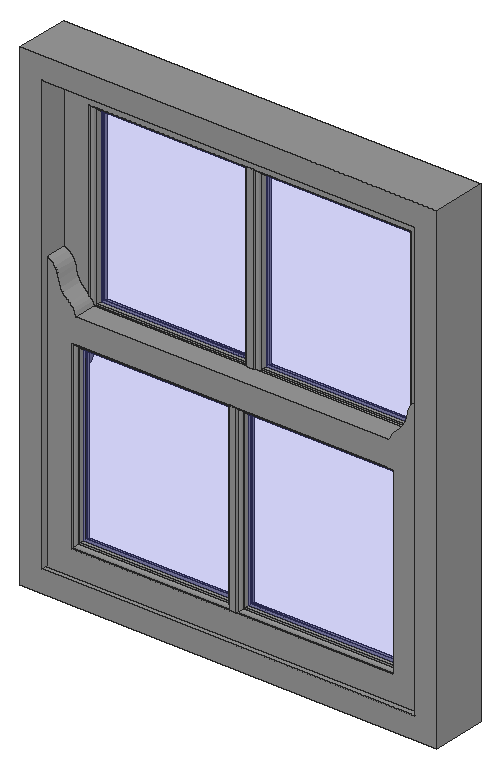
Revit family "HMS1.5V", category Windows, host Wall, Revit 2015
Parameters (values of type "HMS1.5V")
  Height = 925 mm
  Default Lintel Height = 2100 mm
  Wall Closure = By host
  Width = 800 mm
Reference planes
  plane 1 "Center (Front/Back)": y = 0
  plane 2 "Center (Left/Right)": x = 0
  plane 3 "Left": x = -400
  plane 4 "Right": x = 400
  plane 5 "Sill": z = 1175
  plane 6 "Head": z = 2100
  plane 7 "Exterior": y = 100
  plane 8 "Interior": y = -100
  plane 9: y = -28.5
  plane 10: y = 23.5
  plane 11: z = 1637.5
  plane 12: z = 1666
  plane 13: z = 1609
Forms (mm)
  Sweep 1, solid, material "Lauan, Meranti"
    path origin (-10500, 23.5, 2100) x (0, 0, -1) y (-1, 0, 0)
      loop
        line (0, -10900) -> (925, -10900) -> (925, -10100) -> (0, -10100) -> (0, -10900)
    profile origin (0, 23.5, 2100) x (0, 0, 1) y (0, 1, 0)
      loop
        line (0, 29) -> (-42, 29) -> (-42, -76) -> (0, -76) -> (0, 29)
  Sweep 2, solid, material "Lauan, Meranti"
    path origin (-10500, 23.5, 2100) x (0, 0, -1) y (-1, 0, 0)
      loop
        line (42, -10858) -> (491, -10858) -> (491, -10142) -> (42, -10142) -> (42, -10858)
    profile origin (0, 23.5, 2058) x (0, 0, 1) y (0, 1, 0)
      loop
        line (-48, 18.5) -> (-48, -6.5) -> (-57, -6.5) -> (-57, -14.499) -> (-53.996, -14.499)
        arc (-53.996, -14.499) -> (-52.238, -18.744) -> (-47.994, -20.502) r 6.002
        line (-47.994, -20.502) -> (-47.994, -23.5) -> (0, -23.5) -> (0, 18.5) -> (-48, 18.5)
  Extrusion 3, solid, material "Lauan, Meranti"
    sketch origin (-10500, 0, 2100) x (0, 0, -1) y (-1, 0, 0)
      loop
        line (491, -10801) -> (491, -10858) -> (576, -10858)
        spline (576, -10858) -> (568.022, -10845.331) -> (558.494, -10838.581) -> (548.752, -10835.386) -> (540.116, -10833.399) -> (533.202, -10831.197) -> (527.644, -10828.636) -> (523.005, -10825.669) -> (518.783, -10822.149) -> (514.297, -10817.644) -> (508.83, -10811.691) -> (501.472, -10805.147) -> (491, -10801)
      loop
        spline (491, -10199) -> (501.472, -10194.853) -> (508.83, -10188.309) -> (514.297, -10182.356) -> (518.783, -10177.851) -> (523.005, -10174.331) -> (527.644, -10171.364) -> (533.202, -10168.803) -> (540.116, -10166.601) -> (548.752, -10164.614) -> (558.494, -10161.419) -> (568.022, -10154.669) -> (576, -10142)
        line (576, -10142) -> (491, -10142) -> (491, -10199)
    from 0 to 42
  Sweep 4, solid, material "Lauan, Meranti"
    path origin (-10500, 23.5, 2100) x (0, 0, -1) y (-1, 0, 0)
      loop
        line (434, -10858) -> (883, -10858) -> (883, -10142) -> (434, -10142) -> (434, -10858)
    profile origin (0, 23.5, 1666) x (0, 0, 1) y (0, 1, 0)
      loop
        line (0, -65.5) -> (0, -23.5) -> (-48, -23.5) -> (-48, -48.5) -> (-57, -48.5) -> (-57, -56.499) -> (-53.996, -56.499)
        arc (-53.996, -56.499) -> (-52.238, -60.744) -> (-47.994, -62.502) r 6.002
        line (-47.994, -62.502) -> (-47.994, -65.5) -> (0, -65.5)
  Extrusion 5, solid, material "Lauan, Meranti"
    sketch origin (-10500, -42, 1175) x (0, 0, 1) y (1, 0, 0)
      loop
        spline (491, 10801) -> (501.472, 10805.147) -> (508.83, 10811.691) -> (514.297, 10817.644) -> (518.783, 10822.149) -> (523.005, 10825.669) -> (527.644, 10828.636) -> (533.202, 10831.197) -> (540.116, 10833.399) -> (548.752, 10835.386) -> (558.494, 10838.581) -> (568.022, 10845.331) -> (576, 10858)
        line (576, 10858) -> (491, 10858) -> (491, 10801)
      loop
        line (491, 10199) -> (491, 10142) -> (576, 10142)
        spline (576, 10142) -> (568.022, 10154.669) -> (558.494, 10161.419) -> (548.752, 10164.614) -> (540.116, 10166.601) -> (533.202, 10168.803) -> (527.644, 10171.364) -> (523.005, 10174.331) -> (518.783, 10177.851) -> (514.297, 10182.356) -> (508.83, 10188.309) -> (501.472, 10194.853) -> (491, 10199)
    from 0 to 42
  Extrusion 6, solid, material "Lauan, Meranti"
    sketch origin (0, 18.5, 248) x (1, 0, 0) y (0, 1, 0)
      loop
        line (-6.5, 23.5) -> (-6.5, -1.5) -> (-15.5, -1.5) -> (-15.5, -9.5) -> (-12.5, -9.5)
        arc (-12.5, -9.5) -> (-10.743, -13.743) -> (-6.5, -15.5) r 6
        line (-6.5, -15.5) -> (-6.5, -18.5) -> (6.5, -18.5) -> (6.5, -15.5)
        arc (6.5, -15.5) -> (10.743, -13.743) -> (12.5, -9.5) r 6
        line (12.5, -9.5) -> (15.5, -9.5) -> (15.5, -1.5) -> (6.5, -1.5) -> (6.5, 23.5) -> (-6.5, 23.5)
    from 1409 to 1762
  Extrusion 7, solid, material "Lauan, Meranti"
    sketch origin (0, -23.5, -143.994) x (1, 0, 0) y (0, 1, 0)
      loop
        line (-6.5, 23.5) -> (-6.5, -1.5) -> (-15.5, -1.5) -> (-15.5, -9.5) -> (-12.5, -9.5)
        arc (-12.5, -9.5) -> (-10.743, -13.743) -> (-6.5, -15.5) r 6
        line (-6.5, -15.5) -> (-6.5, -18.5) -> (6.5, -18.5) -> (6.5, -15.5)
        arc (6.5, -15.5) -> (10.743, -13.743) -> (12.5, -9.5) r 6
        line (12.5, -9.5) -> (15.5, -9.5) -> (15.5, -1.5) -> (6.5, -1.5) -> (6.5, 23.5) -> (-6.5, 23.5)
    from 1408.987 to 1762
  Sweep 8, solid, material "Lauan, Meranti"
    path origin (26.75, 100, -142.651) x (1, 0, 0) y (0, 0, 1)
      loop
        line (283.25, 2152.651) -> (-20.25, 2152.651) -> (-20.25, 1799.651) -> (283.25, 1799.651) -> (283.25, 2152.651)
    profile origin (158.25, 100, 2010) x (0, 0, -1) y (0, -1, 0)
      loop
        arc (0, 68.6) -> (4.67, 70.234) -> (7, 74.6) r 6.807
        line (7, 74.6) -> (9, 74.6) -> (9, 76.6) -> (0, 76.6) -> (0, 68.6)
  Sweep 9, solid, material "Lauan, Meranti"
    path origin (171.068, 100, -443.162) x (1, 0, 0) y (0, 0, 1)
      loop
        line (138.932, 2061.168) -> (-164.568, 2061.168) -> (-164.568, 1708.162) -> (138.932, 1708.162) -> (138.932, 2061.168)
    profile origin (158.25, 100, 1618.006) x (0, 0, -1) y (0, -1, 0)
      loop
        arc (0, 110.6) -> (4.67, 112.234) -> (7, 116.6) r 6.807
        line (7, 116.6) -> (9, 116.6) -> (9, 118.6) -> (0, 118.6) -> (0, 110.6)
  Extrusion 10, solid, material "Glass"
    sketch origin (-10500, 17, 2100) x (0, 0, -1) y (-1, 0, 0)
      loop
        line (90, -10810) -> (443, -10810) -> (443, -10506.5) -> (90, -10506.5) -> (90, -10810)
      loop
        line (90, -10493.5) -> (443, -10493.5) -> (443, -10190) -> (90, -10190) -> (90, -10493.5)
    from 0 to 6.4
  Extrusion 11, solid, material "Glass"
    sketch origin (-10576.653, -25, 1616.033) x (0, 0, -1) y (-1, 0, 0)
      loop
        line (-1.974, -10886.653) -> (351.033, -10886.653) -> (351.033, -10583.153) -> (-1.974, -10583.153) -> (-1.974, -10886.653)
      loop
        line (-1.974, -10570.153) -> (351.033, -10570.153) -> (351.033, -10266.653) -> (-1.974, -10266.653) -> (-1.974, -10570.153)
    from 0 to 6.4
  Sweep 12, solid, material "Lauan, Meranti"
    path origin (-290.338, 100, -575.467) x (1, 0, 0) y (0, 0, 1)
      loop
        line (283.838, 2193.474) -> (-19.662, 2193.474) -> (-19.662, 1840.467) -> (283.838, 1840.467) -> (283.838, 2193.474)
    profile origin (-158.25, 100, 1618.006) x (0, 0, -1) y (0, -1, 0)
      loop
        arc (0, 110.6) -> (4.67, 112.234) -> (7, 116.6) r 6.807
        line (7, 116.6) -> (9, 116.6) -> (9, 118.6) -> (0, 118.6) -> (0, 110.6)
  Sweep 13, solid, material "Lauan, Meranti"
    path origin (-385.157, 100, -193.227) x (1, 0, 0) y (0, 0, 1)
      loop
        line (378.657, 2203.227) -> (75.157, 2203.227) -> (75.157, 1850.227) -> (378.657, 1850.227) -> (378.657, 2203.227)
    profile origin (-158.25, 100, 2010) x (0, 0, -1) y (0, -1, 0)
      loop
        arc (0, 68.6) -> (4.67, 70.234) -> (7, 74.6) r 6.807
        line (7, 74.6) -> (9, 74.6) -> (9, 76.6) -> (0, 76.6) -> (0, 68.6)
Cuts and joins
  joined: Sweep 2, Extrusion 3
  joined: Sweep 4, Extrusion 5
Lines and regions (mm)
  Opening 1
    outline origin (3500, -100, 0) x (1, 0, 0) y (0, 0, 1)
      loop
        line (-3100, 1175) -> (-3100, 2100) -> (-3900, 2100) -> (-3900, 1175) -> (-3100, 1175)
  model lines
    curve 1: line (358, 42, 2058) -> (0, 42, 1609)
    curve 2: line (-358, 42, 2058) -> (0, 42, 1609)
Text (mm)
  text "EXTERIOR" at (-1963.203, 1332.353, 0), in view "Ref. Level"
  text "INTERIOR" at (-1981.466, -818.386, 0), in view "Ref. Level"
  text "Exterior" at (0, 923.751, 2943.296), in view "Right"
  text "Exterior" at (0, 1040.484, 2685.409), in view "Left"
Dimensions and locks
  equal spacing: plane 3 "Left", plane 2 "Center (Left/Right)", plane 4 "Right"
  "Width": plane 3 "Left" to plane 4 "Right"
  "Height": plane 5 "Sill" to plane 6 "Head"
  "Default Lintel Height": plane 6 "Head" to level
  locked: plane 7 "Exterior" to host wall at 0
  locked: plane 8 "Interior" to host wall
  locked: plane 10 to plane 9 at 52
  plane 3 "Left" to plane 4 "Right" = 800 mm
  aligned and locked: Sweep 1 sketch curve to host wall  (x4)
  aligned and locked: Sweep 2 sketch curve to Sweep 1  (x2)
  aligned and locked: Sweep 1 to Sweep 2 sketch curve
  aligned and locked: Sweep 2 sketch curve to plane 13
  aligned and locked: Sweep 4 sketch curve to plane 12
  aligned and locked: Sweep 4 sketch curve to Sweep 1  (x2)
  aligned and locked: Sweep 1 to Sweep 4 sketch curve
  aligned and locked: Extrusion 6 to cut or joined group of Sweep 2, Extrusion 3  (x2)
  aligned and locked: Extrusion 7 to cut or joined group of Sweep 4, Extrusion 5  (x2)
  aligned and locked: Sweep 8 sketch curve to cut or joined group of Sweep 2, Extrusion 3  (x3)
  aligned and locked: Sweep 8 sketch curve to Extrusion 6
  aligned and locked: Sweep 9 sketch curve to Extrusion 7
  aligned and locked: Sweep 9 sketch curve to cut or joined group of Sweep 4, Extrusion 5  (x3)
  aligned and locked: Extrusion 11 sketch curve to Extrusion 11 sketch curve  (x2)
  aligned and locked: Sweep 12 sketch curve to Extrusion 7
  aligned and locked: Sweep 12 sketch curve to cut or joined group of Sweep 4, Extrusion 5  (x3)
  aligned and locked: Sweep 13 sketch curve to cut or joined group of Sweep 2, Extrusion 3  (x3)
  aligned and locked: Sweep 13 sketch curve to Extrusion 6
Automatic sketch dimensions
  plane 3 "Left" to Opening 1 sketch curve = 0 mm
  plane 4 "Right" to Opening 1 sketch curve = 0 mm
  Opening 1 sketch curve to plane 5 "Sill" = 0 mm
  Opening 1 sketch curve to plane 6 "Head" = 0 mm
  profile plane to Sweep 1 sketch curve = 0 mm
  profile plane to Sweep 1 sketch curve = 42 mm
  Sweep 1 sketch curve to plane 10 = 76 mm
  plane 10 to Sweep 1 sketch curve = 29 mm
  profile plane to Sweep 2 sketch curve = 0 mm
  Sweep 2 sketch curve to plane 10 = 23.5 mm
  profile plane to Sweep 2 sketch curve = 47.994 mm
  Sweep 2 sketch curve to Sweep 2 sketch curve = 0.006 mm
  Sweep 2 sketch curve to Sweep 2 sketch curve = 6.002 mm
  Sweep 2 sketch curve to Sweep 2 sketch curve = 3.004 mm
  Sweep 2 sketch curve to Sweep 2 sketch curve = 2.998 mm
  Sweep 2 sketch curve to plane 10 = 6.5 mm
  plane 10 to Sweep 2 sketch curve = 18.5 mm
  Extrusion 3 sketch curve to plane 13 = 0 mm  (x2)
  Extrusion 3 sketch curve to plane 3 "Left" = 42 mm
  Extrusion 3 sketch curve to Extrusion 3 sketch curve = 85 mm
  plane 4 "Right" to Extrusion 3 sketch curve = 42 mm
  plane 13 to Extrusion 3 sketch curve = 85 mm
  Extrusion 3 sketch curve to Extrusion 3 sketch curve = 57 mm  (x2)
  profile plane to Sweep 4 sketch curve = 0 mm
  profile plane to Sweep 4 sketch curve = 47.994 mm
  Sweep 4 sketch curve to Sweep 4 sketch curve = 0.006 mm
  Sweep 4 sketch curve to Sweep 4 sketch curve = 6.002 mm
  Sweep 4 sketch curve to Sweep 4 sketch curve = 3.004 mm
  Sweep 4 sketch curve to plane 10 = 65.5 mm
  Sweep 4 sketch curve to Sweep 4 sketch curve = 2.998 mm
  Sweep 4 sketch curve to Sweep 4 sketch curve = 7.999 mm
  Sweep 4 sketch curve to plane 10 = 23.5 mm
  Extrusion 5 sketch curve to plane 12 = 0 mm  (x2)
  Extrusion 5 sketch curve to plane 3 "Left" = 42 mm
  Extrusion 5 sketch curve to Extrusion 5 sketch curve = 85 mm  (x2)
  plane 4 "Right" to Extrusion 5 sketch curve = 42 mm
  Extrusion 5 sketch curve to Extrusion 5 sketch curve = 57 mm  (x2)
  host wall to Extrusion 6 sketch curve = 0 mm
  plane 2 "Center (Left/Right)" to Extrusion 6 sketch curve = 15.5 mm
  Extrusion 6 sketch curve to Extrusion 6 sketch curve = 3 mm  (x3)
  plane 2 "Center (Left/Right)" to Extrusion 6 sketch curve = 6.5 mm  (x2)
  Extrusion 6 sketch curve to host wall = 3 mm
  Extrusion 6 sketch curve to plane 2 "Center (Left/Right)" = 6.5 mm  (x2)
  Extrusion 6 sketch curve to Extrusion 6 sketch curve = 6 mm
  Extrusion 6 sketch curve to plane 10 = 6.5 mm  (x2)
  plane 10 to Extrusion 6 sketch curve = 18.5 mm
  host wall to Extrusion 7 sketch curve = 0 mm
  Extrusion 7 sketch curve to plane 9 = 4.5 mm
  plane 2 "Center (Left/Right)" to Extrusion 7 sketch curve = 15.5 mm
  Extrusion 7 sketch curve to Extrusion 7 sketch curve = 3 mm  (x3)
  plane 2 "Center (Left/Right)" to Extrusion 7 sketch curve = 6.5 mm  (x2)
  Extrusion 7 sketch curve to plane 2 "Center (Left/Right)" = 6.5 mm  (x2)
  Extrusion 7 sketch curve to Extrusion 7 sketch curve = 6 mm
  plane 9 to Extrusion 7 sketch curve = 3.5 mm  (x2)
  Extrusion 7 sketch curve to plane 9 = 10.5 mm
  Sweep 8 sketch curve to profile plane = 0 mm
  Sweep 8 sketch curve to profile plane = 0.241 mm
  Sweep 8 sketch curve to Sweep 8 sketch curve = 6.759 mm
  Sweep 8 sketch curve to Sweep 8 sketch curve = 2 mm  (x2)
  profile plane to Sweep 8 sketch curve = 68.6 mm
  Sweep 8 sketch curve to Sweep 8 sketch curve = 6 mm
  Sweep 9 sketch curve to profile plane = 0 mm
  Sweep 9 sketch curve to profile plane = 0.241 mm
  Sweep 9 sketch curve to Sweep 9 sketch curve = 6.759 mm
  Sweep 9 sketch curve to Sweep 9 sketch curve = 2 mm  (x2)
  profile plane to Sweep 9 sketch curve = 110.6 mm
  Sweep 9 sketch curve to Sweep 9 sketch curve = 6 mm
  plane 6 "Head" to Extrusion 10 sketch curve = 90 mm  (x2)
  Extrusion 10 sketch curve to plane 12 = 9 mm  (x2)
  plane 4 "Right" to Extrusion 10 sketch curve = 90 mm
  Extrusion 10 sketch curve to plane 2 "Center (Left/Right)" = 6.5 mm
  plane 2 "Center (Left/Right)" to Extrusion 10 sketch curve = 6.5 mm
  Extrusion 10 sketch curve to plane 3 "Left" = 90 mm
  Extrusion 11 sketch curve to plane 13 = 9.006 mm
  Extrusion 11 sketch curve to plane 5 "Sill" = 90 mm
  plane 4 "Right" to Extrusion 11 sketch curve = 90 mm
  Extrusion 11 sketch curve to plane 2 "Center (Left/Right)" = 6.5 mm
  plane 2 "Center (Left/Right)" to Extrusion 11 sketch curve = 6.5 mm
  Extrusion 11 sketch curve to plane 3 "Left" = 90 mm
  Sweep 12 sketch curve to profile plane = 0 mm
  Sweep 12 sketch curve to profile plane = 0.241 mm
  Sweep 12 sketch curve to Sweep 12 sketch curve = 6.759 mm
  Sweep 12 sketch curve to Sweep 12 sketch curve = 2 mm  (x2)
  profile plane to Sweep 12 sketch curve = 110.6 mm
  Sweep 12 sketch curve to Sweep 12 sketch curve = 6 mm
  plane 2 "Center (Left/Right)" to curve 1 = 0 mm
  curve 1 to plane 13 = 0 mm
  curve 2 to plane 3 "Left" = 42 mm
  plane 4 "Right" to curve 1 = 42 mm
  plane 6 "Head" to curve 2 = 42 mm
  plane 6 "Head" to curve 1 = 42 mm
  Sweep 13 sketch curve to profile plane = 0 mm
  Sweep 13 sketch curve to profile plane = 0.241 mm
  Sweep 13 sketch curve to Sweep 13 sketch curve = 6.759 mm
  Sweep 13 sketch curve to Sweep 13 sketch curve = 2 mm  (x2)
  profile plane to Sweep 13 sketch curve = 68.6 mm
  Sweep 13 sketch curve to Sweep 13 sketch curve = 6 mm
